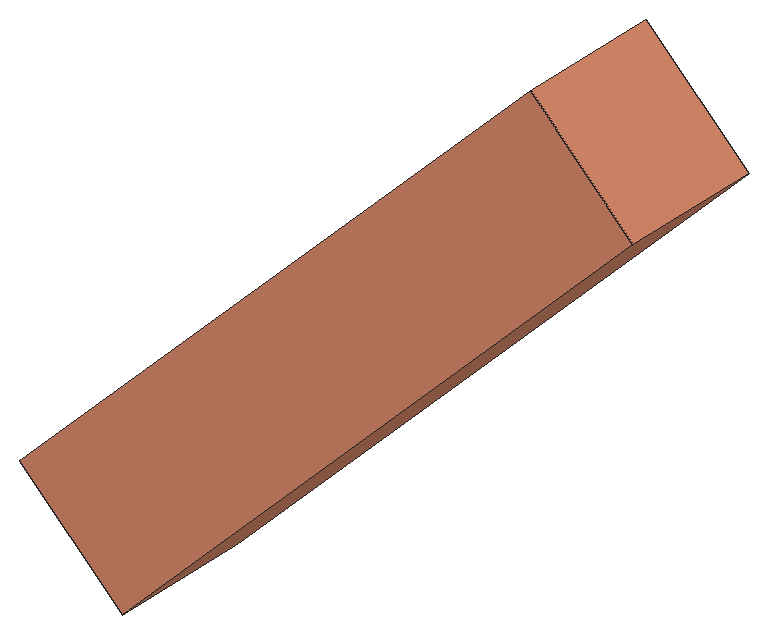
Revit family "盤サポート_角形鋼管(正方形)", category Generic Models, Revit 2023
Family settings
  Can host rebar = No
  Round Connector Dimension = Use Diameter
  Part Type = Normal
  Work Plane-Based = Yes
  Always vertical = No
  Cut with Voids When Loaded = No
  Maintain Annotation Orientation = No
  Shared = No
  Room Calculation Point = No
Parameters (values of type "100 x 100")
  高さ = 100 mm
  長辺 [instance] = 長さ  # 500 mm
  長さ [instance] = 500 mm
  部屋名 = ""
  角度 [instance] = 45.00°
  Default Elevation = 1219.2 mm
  構造マテリアル = E403_盤サポート
  幅 = 100 mm
Types (14, lengths in mm): name | 高さ | 幅
  100 x 100 | 100 | 100
  125 x 125 | 125 | 125
  150 x 150 | 150 | 150
  175 x 175 | 175 | 175
  200 x 200 | 200 | 200
  250 x 250 | 250 | 250
  300 x 300 | 300 | 300
  350 x 350 | 350 | 350
  40 x 40 | 40 | 40
  50 x 50 | 50 | 50
  60 x 60 | 60 | 60
  75 x 75 | 75 | 75
  80 x 80 | 80 | 80
  90 x 90 | 90 | 90
Reference planes
  plane 1 "中心(正面/背面)": y = 0
  plane 2: z = 0
  plane 3 "中心(左/右)": x = 0
Lines and regions (mm)
  reference lines
    curve 1: line (0, 0, 0) -> (806.102, 0, 806.102)
    curve 2: line (35.355, 0, -35.355) -> (-35.355, 0, 35.355)
    curve 3: line (388.909, 0, 318.198) -> (318.198, 0, 388.909)
Dimensions and locks
  equal spacing: curve 2, curve 1, curve 2
  "高さ": curve 2 to curve 2
  equal spacing: curve 3, curve 1, curve 3
  "高さ": curve 3 to curve 3
  "長さ": curve 2 to curve 3
  "角度": angle level to curve 1
  angle curve 2 to curve 1 = 90.00°
  angle curve 3 to curve 1 = 90.00°
  aligned and locked: level to plane 2
  aligned and locked: level to curve 1
  aligned and locked: plane 3 "中心(左/右)" to curve 1
  aligned and locked: curve 1 to nested 1
Nested families
  nested 1: "グレーチング_角形鋼管(正方形)" at (-35.355, 0, 35.355) x (0, 1, 0) z (0.7071, 0, -0.7071), 長さ <- "長さ", type "350 x 350"
    with 長辺 500 mm, 長さ 500 mm, 高さ 100 mm, 幅 100 mm
Definition of nested family "グレーチング_角形鋼管(正方形)"
  Parameters (values of type "350 x 350")
    高さ = 350 mm
    長辺 [instance] = 長さ  # 1000 mm
    長さ [instance] = 1000 mm
    部屋名 = ""
    Default Elevation = 1219.2 mm
    構造マテリアル = none
    幅 = 350 mm
  Reference planes
    plane 1 "中心(正面/背面)": y = 0
    plane 2: z = 0
    plane 3 "中心(左/右)": x = 0
    plane 4: z = 175
    plane 5: z = 350
  Forms (mm)
    Extrusion 1, solid, material <- "構造マテリアル"
      sketch origin (0, 0, 0) x (1, 0, 0) y (0, 1, 0)
        loop
          line (-175, 1000) -> (-175, 0) -> (175, 0) -> (175, 1000) -> (-175, 1000)
      from 0 to 350
  Lines and regions (mm)
    reference lines
      curve 1: line (175, 1000, 0) -> (-175, 1000, 0)
      curve 2: line (175, 0, 0) -> (-175, 0, 0)
  Dimensions and locks
    "長さ": curve 1 to curve 2
    "幅": Extrusion 1 to Extrusion 1
    equal spacing: Extrusion 1, plane 3 "中心(左/右)", Extrusion 1
    "幅": curve 1 to curve 1
    equal spacing: curve 1, plane 3 "中心(左/右)", curve 1
    "幅": curve 2 to curve 2
    equal spacing: curve 2, plane 3 "中心(左/右)", curve 2
    equal spacing: plane 5, plane 4, level
    "高さ": plane 5 to level
    aligned and locked: level to plane 2
    aligned and locked: Extrusion 1 to curve 2
    aligned and locked: curve 1 to Extrusion 1
    aligned and locked: plane 5 to Extrusion 1
  Automatic sketch dimensions
    Extrusion 1 sketch curve to plane 3 "中心(左/右)" = 175 mm
    plane 3 "中心(左/右)" to Extrusion 1 sketch curve = 175 mm
    plane 1 "中心(正面/背面)" to Extrusion 1 sketch curve = 0 mm
    Extrusion 1 sketch curve to plane 1 "中心(正面/背面)" = 1000 mm
    plane 1 "中心(正面/背面)" to curve 2 = 0 mm
